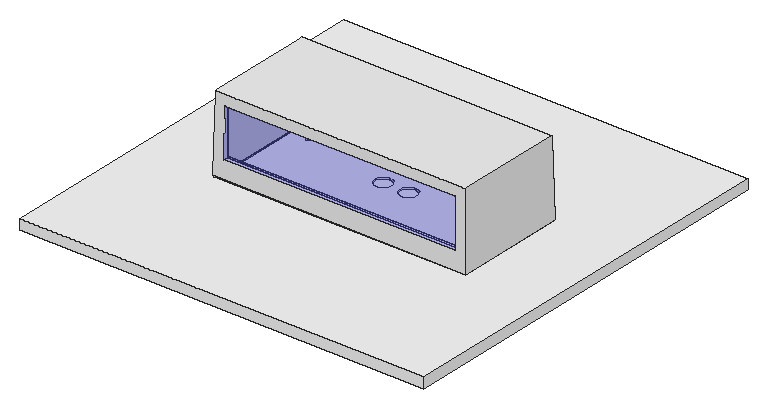
Revit family "BE_50146.1_de_DE", category Leuchten, Revit 2015
Parameters (values of type "BEGA_50146.1_K4")
  built-in parameter 1150104 = 12.096 (stored number, unit not read)
  Wattage = 25.2 W
  Default Elevation = 0 mm
  built-in parameter 1150113 = 1 (stored number, unit not read)
  built-in parameter 1114218 = 1 (stored number, unit not read)
  Umgebungstemperatur = "25 °C"
  URL = "http://www.bega.de/produkt/50146.1"
  Typenkommentare = "© 2017 BEGA. Wir behalten uns das Recht vor, technische Änderungen ohne vorherige Ankündigung vorzunehmen."  # constant formula
  built-in parameter 1150134 = 12
  built-in parameter 1150109 = 1 (stored number, unit not read)
  Strom = ""
  built-in parameter 1150110 = 1 (stored number, unit not read)
  Spannung = 239.996 V
  Sonderanfertigung = no
  Seriennummer [instance] = "Hier können Sie die eindeutige Seriennummer für das Facility Management eintragen."
  Schutzklasse = "I"
  Schutzart = ""
  Scheinlast = 0 VA
  Produktdatenblatt = "http://www.bega.de/download/Xrfa/db/50146.1.db.de.pdf"
  Oberflächentemperatur = ""
  Neigungswinkel = 0.00°
  Modell = "50146.1K4"
  Material_17 = BEGA_Reflektor
  Material_15 = BEGA_Leuchtmedium_matt
  Material_11 = BEGA_Glas_opal
  Material_09 = BEGA_Glas_klar
  Material_08 = BEGA_Oberfläche_Stahl_verzinkt
  Material_06 = BEGA_Oberfläche_Edelstahl_gebürstet
  Material_05 = BEGA_Oberfläche_Aluminium Guss
  Material_03 = BEGA_Oberfläche_Weiss_matt
  Material_02 = BEGA_Oberfläche_Silber_matt
  Material_01 [instance] = BEGA_Oberfläche_Grafit_matt
  M_W = no
  M_G = no
  M_A = no
  Logo = 0
  built-in parameter 1114217 = 1 (stored number, unit not read)
  built-in parameter 1150139 = (empty or 0)
  built-in parameter 1150105 = 261.1 (stored number, unit not read)
  built-in parameter 1150114 = 1 (stored number, unit not read)
  Lumens = 3281.04 lm
  built-in parameter 1150115 = 1 (stored number, unit not read)
  Leuchtenlichtstrom = "2330 lm"
  Leuchtenanzahl = ""
  Lebensdauerkriterien = "L70B50 @ 25 °C = 450000 h"
  Lastklassifizierung = Beleuchtung
  built-in parameter 1150112 = 1 (stored number, unit not read)
  Lampenlichtstrom = "3280 lm"
  Lampe = "LED 25.2 W"
  LED_Modulbezeichnung = "2x LED-0696/940 "
  Hersteller = "BEGA"  # constant formula
  Halbstreuwinkel = ""
  Gewicht = "1.95 kg"
  Gebrauchslageneinschränkung [instance] = ""
  Frequenz = "0/50-60 Hz"
  Farbwiedergabeindex = "Ra > 90"
  Farbtemperaturverschiebung bei Dämpfen der Lampe = <Keine Auswahl>
  Farbtemperatur = "4000 K"
  Color Filter = 16777215
  built-in parameter 1150133 = 10 (stored number, unit not read)
  Energieeffizienzklasse = "LED A++ - A"
  built-in parameter 1150137 = (empty or 0)
  built-in parameter 1150132 = (empty or 0)
  ENEC = ""
  Dimmbar [instance] = "DALI"
  Datei für fotometrisches Netz = "BE_50146K4.IES"
  CE_Konformität = "ja"
  Bestellnummer = "50146.1K4"
  Beschreibung_Sonderanfertigung = "Hier können Sie Informationen zur Sonderanfertigung eintragen."
  Beschreibung = "Wandfluter"
  built-in parameter 1150106 = 2.611 (stored number, unit not read)
  Befestigungsbohrung = "Ø 4,8 mm"
  Befestigungsabstand = "200 x 65 mm"
  Ballwurfsicher = ""
  BEGA_Intern_aus = yes
  BEGA_Intern_an = yes
  BEGA_Intern_Konstruktion = yes
  BEGA_Intern = yes
  BEGA_IES = yes
  BEGA_Dummy = no
  Anschlussleitung = ""
  Anschlussleistung [instance] = "29 W"
  Anschlusskasten = ""
  built-in parameter 1150107 = 4000 (stored number, unit not read)
  built-in parameter 1150102 = (empty or 0)
  built-in parameter 1150138 = (empty or 0)
  Aktualisierung = "2017-07-11T04:09:12"
  Abstand_zur_angestrahlten_Fläche [instance] = ""
  AC/DC = "AC/DC"
Types (2, lengths in mm): name | built-in parameter 1150104 | built-in parameter 1150134 | Modell | built-in parameter 1150105 | Lumens | Leuchtenlichtstrom | Lampenlichtstrom | LED_Modulbezeichnung | Farbtemperatur | Datei für fotometrisches Netz | Bestellnummer | built-in parameter 1150106 | built-in parameter 1150107
  BEGA_50146.1_K3 | 11.65 (stored number, unit not read) | (empty or 0) | "50146.1" | 251.47 (stored number, unit not read) | 3160.08 lm | "2244 lm" | "3160 lm" | "2x LED-0696/930 " | "3000 K" | "BE_50146.IES" | "50146.1" | 2.5147 (stored number, unit not read) | 3000 (stored number, unit not read)
  BEGA_50146.1_K4 | 12.096 (stored number, unit not read) | 12 | "50146.1K4" | 261.1 (stored number, unit not read) | 3281.04 lm | "2330 lm" | "3280 lm" | "2x LED-0696/940 " | "4000 K" | "BE_50146K4.IES" | "50146.1K4" | 2.611 (stored number, unit not read) | 4000 (stored number, unit not read)
Reference planes
  plane 1 "Mitte (Vorne/Hinten)": y = 0
  plane 2: z = 0
  plane 3 "Mitte (Links/Rechts)": x = 0
  plane 4 "Links": x = -125
  plane 5 "Rechts": x = 125
  plane 6 "Unten": y = -55
  plane 7 "Oben": y = 55
  plane 8 "Vorne": z = 76
  plane 9 "Hinten": z = 0
Forms (mm)
  Extrusion 1, solid, material "BEGA_Platte_Weiss"
    sketch origin (0, -1119.2, 0) x (1, 0, 0) y (0, 1, 0)
      loop
        line (-200, 1319.2) -> (-200, 919.2) -> (200, 919.2) -> (200, 1319.2) -> (-200, 1319.2)
    from 0 to -10
  Extrusion 2, solid, material "BEGA_Dummy_matt", visible <- "BEGA_Dummy"
    sketch origin (80.095, -76.023, 0) x (1, 0, 0) y (0, 1, 0)
      loop
        line (-205.095, 131.023) -> (-205.095, 21.023) -> (44.905, 21.023) -> (44.905, 131.023) -> (-205.095, 131.023)
    from 0 to 76
Dimensions and locks
  plane 1 "Mitte (Vorne/Hinten)" to Extrusion 1 = 200 mm
  aligned and locked: plane 2 to Extrusion 1
  aligned and locked: level to Extrusion 1
Nested families
  nested 1: "BE_50146.1" at (0, 0, 0), type "BE_50146.1"
Connectors
  electrical at (0, 0, 0), driven by "Lastklassifizierung", driven by "Spannung", driven by "Scheinlast"
    settings: index 1, voltage 239.996 V, apparent load 0 VA, apparent load phase1 0 VA, apparent load phase2 0 VA, apparent load phase3 0 VA, power factor 1, load classification "Beleuchtung", number of poles 1, system type 31, power factor state 1, is connector primary yes, connector utility no, sub classification motor no, connector description ""
Definition of nested family "BE_50146.1"
  Parameters (values of type "BE_50146.1")
    Default Elevation = 1 mm
    URL = "http://www.bega.de/de/produkt"
    Type Comments = "© 2015 BEGA. Wir behalten uns das Recht vor, technische Änderungen ohne vorherige Ankündigung vorzunehmen. "  # constant formula
    Type Image = (empty or 0)
    Neigungswinkel_um_Z2 = 0.00°
    Neigungswinkel_um_Z1 = 0.00°
    Neigungswinkel_um_Y2 = 0.00°
    Neigungswinkel_um_Y1 = 0.00°
    Neigungswinkel_um_X2 = 0.00°
    Neigungswinkel_um_X1 = 0.00°
    Material_17 = none
    Material_15 = none
    Material_11 = none
    Material_09 = none
    Material_08 = none
    Material_06 = none
    Material_05 = none
    Material_03 = none
    Material_02 = none
    Material_01 = none
    M_W = yes
    M_G = yes
    M_A = yes
    Länge_Platte = 400 mm  # constant formula
    Höhe_Platte = -10 mm  # constant formula
    Manufacturer = "BEGA"  # constant formula
    Drehwinkel_um_Z2 = 0.00°
    Drehwinkel_um_Z1 = 0.00°
    Breite_Platte = 200 mm  # constant formula
  Reference planes
    plane 1 "Mitte (Oben/Unten)": y = 0
    plane 2: z = 0
    plane 3 "Mitte (Links/Rechts)": x = 0
    plane 4: x = -125
    plane 5: z = 76
    plane 6: x = 125
    plane 7: y = 55
    plane 8: y = -55
  Forms (mm)
    Extrusion 1, solid, detail levels medium
      sketch origin (0, 0, 0) x (1, 0, 0) y (0, 1, 0)
        loop
          line (-200, 100) -> (-200, -100) -> (200, -100) -> (200, 100) -> (-200, 100)
      from 0 to -10 <- "Höhe_Platte"
    Extrusion 2, solid, material <- "Material_03", detail levels medium+fine
      sketch origin (0, 0, 0) x (1, 0, 0) y (0, 0, 1)
        loop
          line (-125, 1) -> (-121, 1) -> (-118.661, 68) -> (118.661, 68) -> (121, 1) -> (125, 1) -> (123.691, 76) -> (-123.691, 76) -> (-125, 1)
      from -55 to 55
    Extrusion 3, solid, material <- "Material_03", detail levels medium+fine
      sketch origin (0, 0, 0) x (1, 0, 0) y (0, 0, 1)
        loop
          line (123.691, 76) -> (-123.691, 76) -> (-125, 1) -> (125, 1) -> (123.691, 76)
      from -55 to -50.695
    Extrusion 4, solid, material <- "Material_03", detail levels medium+fine
      sketch origin (0, 0, 0) x (1, 0, 0) y (0, 0, -1)
        loop
          line (123.691, -76) -> (125, -1) -> (-125, -1) -> (-123.691, -76) -> (123.691, -76)
      from -55 to -50.695
    Extrusion 5, void
      sketch origin (0, 0, 0) x (0, 1, 0) y (0, 0, 1)
        loop
          line (55, 1) -> (55.86, 1.015) -> (55.86, 78.41) -> (53.649, 78.41) -> (55, 1)
        loop
          line (-55, 1) -> (-53.649, 78.41) -> (-55.86, 78.41) -> (-55.86, 1.015) -> (-55, 1)
      from -135.401 to 130.838
    Sweep 6, solid, material <- "Material_03", detail levels medium+fine
      path origin (0, 0, 0) x (1, 0, 0) y (0, 1, 0)
        loop
          line (-125, 55) -> (-125, -55) -> (125, -55) -> (125, 55) -> (-125, 55)
      profile origin (-125, 0, 0) x (1, 0, 0) y (0, 0, 1)
        loop
          line (0.5, 1) -> (0.5, 0) -> (2.572, 0)
          arc (2.572, 0) -> (3.337, 0.152) -> (3.986, 0.586) r 2
          line (3.986, 0.586) -> (5.107, 1.707)
          arc (5.107, 1.707) -> (5.432, 1.924) -> (5.814, 2) r 1
          line (5.814, 2) -> (11.938, 2) -> (11.938, 3) -> (5.814, 3)
          arc (5.814, 3) -> (5.049, 2.848) -> (4.4, 2.414) r 2
          line (4.4, 2.414) -> (3.279, 1.293)
          arc (3.279, 1.293) -> (2.954, 1.076) -> (2.572, 1) r 1
          line (2.572, 1) -> (0.5, 1)
    Extrusion 7, solid, material <- "Material_03", detail levels medium+fine
      sketch origin (0, 0, 0) x (1, 0, 0) y (0, 1, 0)
        loop
          line (-113.062, 43.062) -> (-113.062, -43.062) -> (113.062, -43.062) -> (113.062, 43.062) -> (-113.062, 43.062)
      from 2 to 3
    Extrusion 8, void
      sketch origin (0, 0, 0) x (0, 1, 0) y (0, 0, 1)
        loop
          line (47.599, 66.082) -> (47.599, 18) -> (55.612, 18) -> (55.612, 66.082) -> (47.599, 66.082)
        loop
          line (-47.599, 66.082) -> (-55.612, 66.082) -> (-55.612, 18) -> (-47.599, 18) -> (-47.599, 66.082)
      from -114.499 to 114.499
    Extrusion 9, solid, material <- "Material_11", detail levels medium+fine
      sketch origin (0, 0, 0) x (0, 1, 0) y (0, 0, 1)
        loop
          line (54.603, 18.077) -> (53.765, 66.069) -> (49.366, 65.992) -> (50.203, 18) -> (54.603, 18.077)
      from -114.499 to 114.499
    Extrusion 10, solid, material <- "Material_11", detail levels medium+fine
      sketch origin (0, 0, 0) x (0, 1, 0) y (0, 0, 1)
        loop
          line (49.339, 67.492) -> (45.74, 67.429) -> (46.63, 16.437) -> (50.229, 16.5) -> (49.339, 67.492)
      from -116.248 to 116.218
    Extrusion 11, solid, material <- "Material_11", detail levels medium+fine
      sketch origin (0, 0, 0) x (0, -1, 0) y (0, 0, -1)
        loop
          line (54.603, -18.077) -> (50.203, -18) -> (49.366, -65.992) -> (53.765, -66.069) -> (54.603, -18.077)
      from -114.499 to 114.499
    Extrusion 12, solid, material <- "Material_11", detail levels medium+fine
      sketch origin (0, 0, 0) x (0, -1, 0) y (0, 0, -1)
        loop
          line (49.339, -67.492) -> (50.229, -16.5) -> (46.63, -16.437) -> (45.74, -67.429) -> (49.339, -67.492)
      from -116.248 to 116.218
    Extrusion 13, void
      sketch origin (0, 0, 0) x (1, 0, 0) y (0, 1, 0)
        loop
          circle (-100, 32.5) r 2.4
        loop
          circle (100, -32.5) r 2.4
        loop
          circle (-12.5, 15) r 8.5
        loop
          circle (12.5, 15) r 8.5
      from 0 to 6.68
    Revolve 14, solid, material <- "Material_06", detail levels fine
      sketch origin (110, 0, 0) x (0, 1, 0) y (0, 0, 1)
        loop
          line (56, 9) -> (56, 11) -> (53.425, 11) -> (53.425, 9) -> (56, 9)
        axis (56, 9) -> (53.425, 9)
      angle from 0 to 360
    Revolve 15, solid, material <- "Material_06", detail levels fine
      sketch origin (-110, 0, 0) x (0, 1, 0) y (0, 0, -1)
        loop
          line (56, -9) -> (53.425, -9) -> (53.425, -11) -> (56, -11) -> (56, -9)
        axis (56, -9) -> (53.425, -9)
      angle from 0 to 360
  Cuts and joins
    Extrusion 5, Extrusion 8 cuts Extrusion 2
    Extrusion 5, Extrusion 8 cuts Extrusion 3
    Extrusion 5, Extrusion 8 cuts Extrusion 4
    joined: Extrusion 2, Extrusion 3, Extrusion 4
    Extrusion 13 cuts Sweep 6
    Extrusion 13 cuts Extrusion 7
    joined: Sweep 6, Extrusion 7
    joined: Extrusion 9, Extrusion 10
    joined: Extrusion 11, Extrusion 12
  Dimensions and locks
    equal spacing: Extrusion 1 sketch curve, plane 3 "Mitte (Links/Rechts)", Extrusion 1 sketch curve
    equal spacing: Extrusion 1 sketch curve, plane 1 "Mitte (Oben/Unten)", Extrusion 1 sketch curve
    "Länge_Platte": Extrusion 1 sketch curve to Extrusion 1 sketch curve
    "Breite_Platte": Extrusion 1 sketch curve to Extrusion 1 sketch curve
    aligned and locked: plane 2 to Extrusion 1
    aligned and locked: level to Extrusion 1
  Automatic sketch dimensions
    level to Extrusion 2 sketch curve = 1 mm  (x2)
    Extrusion 2 sketch curve to Extrusion 2 sketch curve = 1.309 mm
    Extrusion 2 sketch curve to Extrusion 2 sketch curve = 4 mm  (x2)
    Extrusion 2 sketch curve to Extrusion 2 sketch curve = 5.03 mm  (x2)
    Extrusion 2 sketch curve to Extrusion 2 sketch curve = 2.34 mm
    Extrusion 2 sketch curve to Extrusion 2 sketch curve = 67 mm
    Extrusion 2 sketch curve to Extrusion 2 sketch curve = 8 mm
    level to Extrusion 3 sketch curve = 1 mm
    Extrusion 3 sketch curve to Extrusion 3 sketch curve = 1.309 mm
    Extrusion 3 sketch curve to Extrusion 3 sketch curve = 75 mm
    level to Extrusion 4 sketch curve = 1 mm
    Extrusion 4 sketch curve to Extrusion 4 sketch curve = 1.309 mm
    Extrusion 4 sketch curve to Extrusion 4 sketch curve = 75 mm
    level to Extrusion 5 sketch curve = 1.015 mm
    plane 1 "Mitte (Oben/Unten)" to Extrusion 5 sketch curve = 55.86 mm
    level to Extrusion 5 sketch curve = 1 mm  (x2)
    Extrusion 5 sketch curve to Extrusion 5 sketch curve = 0.86 mm
    Extrusion 5 sketch curve to Extrusion 5 sketch curve = 2.211 mm  (x2)
    Extrusion 5 sketch curve to plane 1 "Mitte (Oben/Unten)" = 53.649 mm
    Extrusion 5 sketch curve to plane 1 "Mitte (Oben/Unten)" = 55 mm
    Extrusion 5 sketch curve to Extrusion 5 sketch curve = 0.015 mm
    plane 1 "Mitte (Oben/Unten)" to Sweep 6 sketch curve = 55 mm
    Sweep 6 sketch curve to plane 1 "Mitte (Oben/Unten)" = 55 mm
    Sweep 6 sketch curve to Sweep 6 sketch curve = 0 mm  (x9)
    Sweep 6 sketch curve to level = 0 mm
    Sweep 6 sketch curve to profile plane = 0.5 mm
    Sweep 6 sketch curve to Sweep 6 sketch curve = 2.072 mm
    level to Sweep 6 sketch curve = 1 mm  (x2)
    Sweep 6 sketch curve to Sweep 6 sketch curve = 3.243 mm
    level to Sweep 6 sketch curve = 2 mm
    Sweep 6 sketch curve to Sweep 6 sketch curve = 6.124 mm
    Sweep 6 sketch curve to Sweep 6 sketch curve = 1 mm  (x2)
    level to Sweep 6 sketch curve = 1.293 mm
    Sweep 6 sketch curve to Sweep 6 sketch curve = 0.707 mm  (x3)
    level to Sweep 6 sketch curve = 0.586 mm
    Sweep 6 sketch curve to Sweep 6 sketch curve = 1.414 mm
    level to Sweep 6 sketch curve = 1.707 mm
    plane 1 "Mitte (Oben/Unten)" to Extrusion 7 sketch curve = 43.062 mm
    Extrusion 7 sketch curve to plane 1 "Mitte (Oben/Unten)" = 43.062 mm
    plane 1 "Mitte (Oben/Unten)" to Extrusion 8 sketch curve = 55.612 mm
    Extrusion 8 sketch curve to Extrusion 8 sketch curve = 8.013 mm  (x2)
    level to Extrusion 8 sketch curve = 18 mm  (x2)
    Extrusion 8 sketch curve to plane 1 "Mitte (Oben/Unten)" = 47.599 mm
    Extrusion 8 sketch curve to Extrusion 8 sketch curve = 48.082 mm  (x2)
    Extrusion 9 sketch curve to plane 1 "Mitte (Oben/Unten)" = 49.366 mm
    level to Extrusion 9 sketch curve = 18 mm
    Extrusion 9 sketch curve to Extrusion 9 sketch curve = 0.838 mm
    Extrusion 9 sketch curve to Extrusion 9 sketch curve = 4.399 mm  (x2)
    level to Extrusion 9 sketch curve = 18.077 mm
    Extrusion 9 sketch curve to Extrusion 9 sketch curve = 47.993 mm
    Extrusion 9 sketch curve to Extrusion 9 sketch curve = 0.077 mm
    Extrusion 10 sketch curve to plane 1 "Mitte (Oben/Unten)" = 45.74 mm
    level to Extrusion 10 sketch curve = 16.437 mm
    Extrusion 10 sketch curve to plane 1 "Mitte (Oben/Unten)" = 46.63 mm
    Extrusion 10 sketch curve to Extrusion 10 sketch curve = 3.599 mm  (x2)
    level to Extrusion 10 sketch curve = 16.5 mm
    Extrusion 10 sketch curve to Extrusion 10 sketch curve = 50.992 mm
    Extrusion 10 sketch curve to Extrusion 10 sketch curve = 0.063 mm
    Extrusion 11 sketch curve to plane 1 "Mitte (Oben/Unten)" = 49.366 mm
    Extrusion 11 sketch curve to level = 18 mm
    Extrusion 11 sketch curve to Extrusion 11 sketch curve = 0.838 mm
    Extrusion 11 sketch curve to Extrusion 11 sketch curve = 4.399 mm  (x2)
    Extrusion 11 sketch curve to level = 18.077 mm
    Extrusion 11 sketch curve to Extrusion 11 sketch curve = 47.993 mm
    Extrusion 11 sketch curve to Extrusion 11 sketch curve = 0.077 mm
    Extrusion 12 sketch curve to plane 1 "Mitte (Oben/Unten)" = 45.74 mm
    Extrusion 12 sketch curve to level = 16.437 mm
    Extrusion 12 sketch curve to plane 1 "Mitte (Oben/Unten)" = 46.63 mm
    Extrusion 12 sketch curve to Extrusion 12 sketch curve = 3.599 mm  (x2)
    Extrusion 12 sketch curve to level = 16.5 mm
    Extrusion 12 sketch curve to Extrusion 12 sketch curve = 50.992 mm
    Extrusion 12 sketch curve to Extrusion 12 sketch curve = 0.063 mm
    Extrusion 13 sketch curve to plane 1 "Mitte (Oben/Unten)" = 32.5 mm
    Extrusion 13 sketch curve to plane 3 "Mitte (Links/Rechts)" = 100 mm
    Extrusion 13 sketch curve to plane 3 "Mitte (Links/Rechts)" = 12.5 mm
    plane 3 "Mitte (Links/Rechts)" to Extrusion 13 sketch curve = 12.5 mm
    plane 1 "Mitte (Oben/Unten)" to Extrusion 13 sketch curve = 32.5 mm
    Extrusion 13 sketch curve to Extrusion 13 sketch curve = 87.5 mm
    Extrusion 13 sketch curve to plane 1 "Mitte (Oben/Unten)" = 15 mm  (x2)
    level to Revolve 14 sketch curve = 11 mm
    Revolve 14 sketch curve to plane 1 "Mitte (Oben/Unten)" = 53.425 mm
    Revolve 14 sketch curve to Revolve 14 sketch curve = 2.575 mm
    Revolve 14 sketch curve to Revolve 14 sketch curve = 2 mm  (x2)
    Revolve 14 sketch curve to Revolve 14 sketch curve = 0.595 mm
    Revolve 14 sketch curve to Revolve 14 sketch curve = 0 mm
    level to Revolve 15 sketch curve = 11 mm
    Revolve 15 sketch curve to plane 1 "Mitte (Oben/Unten)" = 53.425 mm
    Revolve 15 sketch curve to Revolve 15 sketch curve = 2.575 mm
    Revolve 15 sketch curve to Revolve 15 sketch curve = 2 mm  (x2)
    Revolve 15 sketch curve to Revolve 15 sketch curve = 0.595 mm
    Revolve 15 sketch curve to Revolve 15 sketch curve = 0 mm
    plane 4 to Extrusion 2 sketch curve = 0 mm
    plane 4 to Extrusion 3 sketch curve = 0 mm
    plane 4 to Extrusion 4 sketch curve = 0 mm
    Sweep 6 sketch curve to plane 4 = 0 mm
    Extrusion 7 sketch curve to plane 4 = 11.938 mm
    Extrusion 2 sketch curve to plane 6 = 0 mm
    Extrusion 3 sketch curve to plane 6 = 0 mm
    Extrusion 3 sketch curve to plane 6 = 1.309 mm
    Extrusion 4 sketch curve to plane 6 = 0 mm
    Extrusion 4 sketch curve to plane 6 = 1.309 mm
    Sweep 6 sketch curve to plane 6 = 0 mm
    Extrusion 7 sketch curve to plane 6 = 11.938 mm
    radius of Extrusion 13 sketch curve = 2.4 mm  (x2)
    radius of Extrusion 13 sketch curve = 8.5 mm  (x2)
